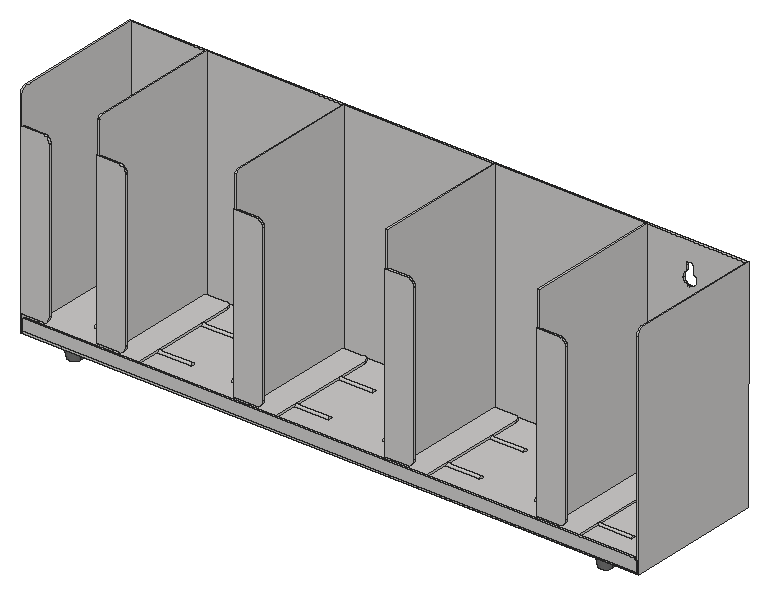
Revit family "QF_Vollrath_CTL5", category Specialty Equipment, Revit 2016
Family settings
  Part Type = Normal
  Round Connector Dimension = Use Diameter
  OmniClass Number = 23.40.40.00
  OmniClass Title = Food Service Equipment and Furnishings
  Work Plane-Based = Yes
  Always vertical = Yes
  Cut with Voids When Loaded = No
  Shared = No
  Room Calculation Point = No
Parameters
  Width = 22.5"
  Weight in Pounds = 0
  Watermarked By = ""
  URL Cutsheet = ""
  Specification by User [instance] = ""
  Specification by Manufacturer [instance] = ""
  Serial Number [instance] = ""
  Revision Code [instance] = ""
  NAFEM Spec ID Number [instance] = ""
  Model = "CTL-5"
  Masterspec [instance] = ""
  Manufacturer = "Vollrath"
  Item Number [instance] = "-"
  Installed By [instance] = ""
  Height = 8"
  Furnished By [instance] = ""
  Foodservice Equipment Identifier = yes
  Description = "5 Section Adjustable Organizer"
  Depth = 5"
  Default Elevation = 48"
  CSI MasterFormat = ""
Reference planes (in)
  plane 1 "BACK": y = 0
  plane 2 "BOTTOM": z = 0
  plane 3 "LEFT": x = -16.56573
  plane 4 "RIGHT": x = 5.93427
  plane 5 "FRONT": y = -5
  plane 6 "TOP": z = 8.4742
  plane 7 "Bottom of Body": z = 0.4742
  plane 8: x = -13.76573
  plane 9: x = -8.76573
  plane 10 "Caster Left": x = -14.98573
  plane 11 "Caster Right": x = 4.35427
  plane 12 "Caster Back": y = -0.5
  plane 13 "Caster Front": y = -4.5
  plane 14 "B1": y = -1.5
  plane 15 "F1": y = -3.5
  plane 16: x = -12.73573
  plane 17: x = -7.73573
  plane 18: x = -11.48573
  plane 19 "Left Low Bumper": x = -15.01573
  plane 20: x = -10.01573
  plane 21: x = -6.48573
  plane 22: x = -4.51573
  plane 23: x = -3.26573
  plane 24: x = -2.23573
  plane 25: x = -0.98573
  plane 26: x = 1.01427
  plane 27: x = 2.26427
  plane 28: x = 3.29427
  plane 29: x = 4.54427
Forms (in)
  Blend 1, solid, material "QF_Rubber-Black"
    base sketch origin (0, 0, 0) x (1, 0, 0) y (0, 1, 0)
      loop
        circle (-14.98573, -0.5) r 0.23
    top sketch origin (0, 0, 0) x (1, 0, 0) y (0, 1, 0)
      loop
        circle (-14.98573, -0.5) r 0.33
    from 0 to 0.4742
  Blend 2, solid, material "QF_Rubber-Black"
    base sketch origin (0, 0, 0) x (1, 0, 0) y (0, 1, 0)
      loop
        circle (-14.98573, -4.5) r 0.23
    top sketch origin (0, 0, 0) x (1, 0, 0) y (0, 1, 0)
      loop
        circle (-14.98573, -4.5) r 0.33
    from 0 to 0.4742
  Blend 3, solid, material "QF_Rubber-Black"
    base sketch origin (0, 0, 0) x (1, 0, 0) y (0, 1, 0)
      loop
        circle (4.35427, -0.5) r 0.23
    top sketch origin (0, 0, 0) x (1, 0, 0) y (0, 1, 0)
      loop
        circle (4.35427, -0.5) r 0.33
    from 0 to 0.4742
  Blend 4, solid, material "QF_Rubber-Black"
    base sketch origin (0, 0, 0) x (1, 0, 0) y (0, 1, 0)
      loop
        circle (4.35427, -4.5) r 0.23
    top sketch origin (0, 0, 0) x (1, 0, 0) y (0, 1, 0)
      loop
        circle (4.35427, -4.5) r 0.33
    from 0 to 0.4742
  Extrusion 5, solid, material "QF_Stainless-Polished"
    sketch origin (0, 0, 0.4742) x (0, 1, 0) y (-1, 0, 0)
      loop
        line (0, 16.56573) -> (-5, 16.56573) -> (-5, -5.93427) -> (0, -5.93427) -> (0, 16.56573)
    from 0 to 0.06
  Extrusion 6, solid, material "QF_Stainless-Polished"
    sketch origin (0, 0, 0) x (1, 0, 0) y (0, 0, 1)
      loop
        line (5.93427, 8.4742) -> (-16.56573, 8.4742) -> (-16.56573, 0.4742) -> (5.93427, 0.4742) -> (5.93427, 8.4742)
    from 0 to 0.06
  Extrusion 7, solid, material "QF_Stainless-Polished"
    sketch origin (-16.56573, 0, 0) x (0, 1, 0) y (0, 0, 1)
      loop
        line (0, 8.4742) -> (-4.75, 8.4742)
        arc (-4.75, 8.4742) -> (-4.92678, 8.40098) -> (-5, 8.2242) r 0.25
        line (-5, 8.2242) -> (-5, 0.4742) -> (0, 0.4742) -> (0, 8.4742)
    from 0 to 0.06
  Extrusion 8, solid, material "QF_Stainless-Polished"
    sketch origin (5.93427, 0, 0) x (0, 1, 0) y (0, 0, 1)
      loop
        line (0, 8.4742) -> (-4.75, 8.4742)
        arc (-4.75, 8.4742) -> (-4.92678, 8.40098) -> (-5, 8.2242) r 0.25
        line (-5, 8.2242) -> (-5, 0.4742) -> (0, 0.4742) -> (0, 8.4742)
    from 0 to -0.06
  Extrusion 9, solid, material "QF_Stainless-Polished"
    sketch origin (0, -5, 0) x (1, 0, 0) y (0, 0, 1)
      loop
        line (-16.50573, 0.4742) -> (5.87427, 0.4742) -> (5.87427, 0.8742)
        arc (5.87427, 0.8742) -> (5.84499, 0.94491) -> (5.77427, 0.9742) r 0.1
        line (5.77427, 0.9742) -> (-16.40573, 0.9742)
        arc (-16.40573, 0.9742) -> (-16.47644, 0.94491) -> (-16.50573, 0.8742) r 0.1
        line (-16.50573, 0.8742) -> (-16.50573, 0.4742)
    from 0 to -0.06
  Extrusion 10, solid, material "QF_Stainless-Polished"
    sketch origin (0, 0, 0.4742) x (0, 1, 0) y (-1, 0, 0)
      loop
        line (-0.06, 13.79573) -> (-4.94, 13.79573) -> (-4.94, 13.73573) -> (-0.06, 13.73573) -> (-0.06, 13.79573)
    from 0 to 8
  Extrusion 11, solid, material "QF_Stainless-Polished"
    sketch origin (0, 0, 0.4742) x (0, 1, 0) y (-1, 0, 0)
      loop
        line (-0.06, 8.79573) -> (-4.94, 8.79573) -> (-4.94, 8.73573) -> (-0.06, 8.73573) -> (-0.06, 8.79573)
    from 0 to 8
  Extrusion 12, void
    sketch origin (-16.56573, 0, 0) x (0, 1, 0) y (0, 0, 1)
      loop
        line (-4.75, 8.4742) -> (-5, 8.4742) -> (-5, 8.2242)
        arc (-5, 8.2242) -> (-4.92678, 8.40098) -> (-4.75, 8.4742) r 0.25
    from 0 to 22.5
  Extrusion 13, solid, material "QF_Stainless-Polished"
    sketch origin (0, -5, 0) x (1, 0, 0) y (0, 0, 1)
      loop
        line (-13.79573, 7.2242) -> (-13.79573, 1.0942) -> (-12.98573, 1.0942)
        arc (-12.98573, 1.0942) -> (-12.80895, 1.16742) -> (-12.73573, 1.3442) r 0.25
        line (-12.73573, 1.3442) -> (-12.73573, 6.9742)
        arc (-12.73573, 6.9742) -> (-12.80895, 7.15098) -> (-12.98573, 7.2242) r 0.25
        line (-12.98573, 7.2242) -> (-13.79573, 7.2242)
    from 0 to -0.06
  Extrusion 14, solid, material "QF_Stainless-Polished"
    sketch origin (0, -5, 0) x (1, 0, 0) y (0, 0, 1)
      loop
        line (-7.98573, 7.2242) -> (-8.79573, 7.2242) -> (-8.79573, 1.0942) -> (-7.98573, 1.0942)
        arc (-7.98573, 1.0942) -> (-7.80895, 1.16742) -> (-7.73573, 1.3442) r 0.25
        line (-7.73573, 1.3442) -> (-7.73573, 6.9742)
        arc (-7.73573, 6.9742) -> (-7.80895, 7.15098) -> (-7.98573, 7.2242) r 0.25
    from 0 to -0.06
  Extrusion 15, solid, material "QF_Stainless-Polished"
    sketch origin (0, -5, 0) x (1, 0, 0) y (0, 0, 1)
      loop
        line (-15.75573, 7.2242) -> (-16.56573, 7.2242) -> (-16.56573, 1.0942) -> (-15.75573, 1.0942)
        arc (-15.75573, 1.0942) -> (-15.57895, 1.16742) -> (-15.50573, 1.3442) r 0.25
        line (-15.50573, 1.3442) -> (-15.50573, 6.9742)
        arc (-15.50573, 6.9742) -> (-15.57895, 7.15098) -> (-15.75573, 7.2242) r 0.25
    from 0 to -0.06
  Extrusion 16, solid, material "QF_Stainless-Polished"
    sketch origin (0, 0, 0.5342) x (0, 1, 0) y (-1, 0, 0)
      loop
        line (-4.88, 13.73573) -> (-4.88, 12.98573)
        arc (-4.88, 12.98573) -> (-4.80678, 12.80895) -> (-4.63, 12.73573) r 0.25
        line (-4.63, 12.73573) -> (-0.37, 12.73573)
        arc (-0.37, 12.73573) -> (-0.19322, 12.80895) -> (-0.12, 12.98573) r 0.25
        line (-0.12, 12.98573) -> (-0.12, 13.73573) -> (-4.88, 13.73573)
    from 0 to 0.06
  Extrusion 17, solid, material "QF_Stainless-Polished"
    sketch origin (0, 0, 0.5342) x (0, 1, 0) y (-1, 0, 0)
      loop
        line (-0.12, 7.98573) -> (-0.12, 8.73573) -> (-4.88, 8.73573) -> (-4.88, 7.98573)
        arc (-4.88, 7.98573) -> (-4.80678, 7.80895) -> (-4.63, 7.73573) r 0.25
        line (-4.63, 7.73573) -> (-0.37, 7.73573)
        arc (-0.37, 7.73573) -> (-0.19322, 7.80895) -> (-0.12, 7.98573) r 0.25
    from 0 to 0.06
  Sweep 18, solid, material "QF_Stainless-Polished"
    path origin (0, 0, 0.4742) x (0, 1, 0) y (-1, 0, 0)
      loop
        line (-1.5, 15.01573) -> (-1.5, 13.79573)
    profile origin (-14.40573, -1.5, 0.4742) x (0, 1, 0) y (0, 0, 1)
      loop
        arc (0.06, 0.06) -> (0, 0.12) -> (-0.06, 0.06) r 0.06
        line (-0.06, 0.06) -> (0.06, 0.06)
  Sweep 19, solid, material "QF_Stainless-Polished"
    path origin (0, 0, 0.4742) x (0, 1, 0) y (-1, 0, 0)
      loop
        line (-3.5, 15.01573) -> (-3.5, 13.79573)
    profile origin (-14.40573, -3.5, 0.4742) x (0, 1, 0) y (0, 0, 1)
      loop
        line (-0.06, 0.06) -> (0.06, 0.06)
        arc (0.06, 0.06) -> (0, 0.12) -> (-0.06, 0.06) r 0.06
  Sweep 20, solid, material "QF_Stainless-Polished"
    path origin (0, 0, 0.4742) x (0, 1, 0) y (-1, 0, 0)
      loop
        line (-1.5, 12.73573) -> (-1.5, 11.48573)
    profile origin (-12.11073, -1.5, 0.4742) x (0, 1, 0) y (0, 0, 1)
      loop
        line (-0.06, 0.06) -> (0.06, 0.06)
        arc (0.06, 0.06) -> (0, 0.12) -> (-0.06, 0.06) r 0.06
  Sweep 21, solid, material "QF_Stainless-Polished"
    path origin (0, 0, 0.4742) x (0, 1, 0) y (-1, 0, 0)
      loop
        line (-3.5, 12.73573) -> (-3.5, 11.48573)
    profile origin (-12.11073, -3.5, 0.4742) x (0, 1, 0) y (0, 0, 1)
      loop
        line (-0.06, 0.06) -> (0.06, 0.06)
        arc (0.06, 0.06) -> (0, 0.12) -> (-0.06, 0.06) r 0.06
  Sweep 22, solid, material "QF_Stainless-Polished"
    path origin (0, 0, 0.4742) x (0, 1, 0) y (-1, 0, 0)
      loop
        line (-1.5, 8.79573) -> (-1.5, 10.01573)
    profile origin (-9.40573, -1.5, 0.4742) x (0, -1, 0) y (0, 0, 1)
      loop
        arc (0.06, 0.06) -> (0, 0.12) -> (-0.06, 0.06) r 0.06
        line (-0.06, 0.06) -> (0.06, 0.06)
  Sweep 23, solid, material "QF_Stainless-Polished"
    path origin (0, 0, 0.4742) x (0, 1, 0) y (-1, 0, 0)
      loop
        line (-3.5, 10.01573) -> (-3.5, 8.79573)
    profile origin (-9.40573, -3.5, 0.4742) x (0, 1, 0) y (0, 0, 1)
      loop
        line (-0.06, 0.06) -> (0.06, 0.06)
        arc (0.06, 0.06) -> (0, 0.12) -> (-0.06, 0.06) r 0.06
  Sweep 24, solid, material "QF_Stainless-Polished"
    path origin (0, 0, 0.4742) x (0, 1, 0) y (-1, 0, 0)
      loop
        line (-1.5, 7.73573) -> (-1.5, 6.48573)
    profile origin (-7.11073, -1.5, 0.4742) x (0, 1, 0) y (0, 0, 1)
      loop
        line (-0.06, 0.06) -> (0.06, 0.06)
        arc (0.06, 0.06) -> (0, 0.12) -> (-0.06, 0.06) r 0.06
  Sweep 25, solid, material "QF_Stainless-Polished"
    path origin (0, 0, 0.4742) x (0, 1, 0) y (-1, 0, 0)
      loop
        line (-3.5, 7.73573) -> (-3.5, 6.48573)
    profile origin (-7.11073, -3.5, 0.4742) x (0, 1, 0) y (0, 0, 1)
      loop
        line (-0.06, 0.06) -> (0.06, 0.06)
        arc (0.06, 0.06) -> (0, 0.12) -> (-0.06, 0.06) r 0.06
  Extrusion 26, void
    sketch origin (0, 0, 0) x (1, 0, 0) y (0, 0, 1)
      loop
        arc (4.11462, 7.2242) -> (4.08719, 7.33806) -> (4.01091, 7.42693) r 0.25
        arc (4.01091, 7.42693) -> (3.99516, 7.44376) -> (3.98691, 7.46528) r 0.06
        arc (3.98691, 7.46528) -> (3.98046, 7.54991) -> (3.99035, 7.6342) r 0.4408
        arc (3.99035, 7.6342) -> (3.86462, 7.79005) -> (3.7389, 7.6342) r 0.12864
        arc (3.7389, 7.6342) -> (3.74878, 7.54991) -> (3.74233, 7.46528) r 0.4408
        arc (3.74233, 7.46528) -> (3.73408, 7.44376) -> (3.71833, 7.42693) r 0.06
        arc (3.71833, 7.42693) -> (3.64205, 7.33806) -> (3.61462, 7.2242) r 0.25
        arc (3.61462, 7.2242) -> (3.86462, 6.9742) -> (4.11462, 7.2242) r 0.25
      loop
        arc (-14.74607, 7.2242) -> (-14.49607, 6.9742) -> (-14.24607, 7.2242) r 0.25
        arc (-14.24607, 7.2242) -> (-14.2735, 7.33806) -> (-14.34978, 7.42693) r 0.25
        arc (-14.34978, 7.42693) -> (-14.36553, 7.44376) -> (-14.37378, 7.46528) r 0.06
        arc (-14.37378, 7.46528) -> (-14.38023, 7.54991) -> (-14.37035, 7.6342) r 0.4408
        arc (-14.37035, 7.6342) -> (-14.49607, 7.79005) -> (-14.6218, 7.6342) r 0.12864
        arc (-14.6218, 7.6342) -> (-14.61191, 7.54991) -> (-14.61836, 7.46528) r 0.4408
        arc (-14.61836, 7.46528) -> (-14.62661, 7.44376) -> (-14.64236, 7.42693) r 0.06
        arc (-14.64236, 7.42693) -> (-14.71864, 7.33806) -> (-14.74607, 7.2242) r 0.25
    from 0 to 0.06
  Extrusion 27, solid, material "QF_Stainless-Polished"
    sketch origin (0, 0, 0.4742) x (0, 1, 0) y (-1, 0, 0)
      loop
        line (-0.06, 3.29573) -> (-4.94, 3.29573) -> (-4.94, 3.23573) -> (-0.06, 3.23573) -> (-0.06, 3.29573)
    from 0 to 8
  Extrusion 28, solid, material "QF_Stainless-Polished"
    sketch origin (0, 0, 0.5342) x (0, 1, 0) y (-1, 0, 0)
      loop
        line (-0.12, 2.48573) -> (-0.12, 3.23573) -> (-4.88, 3.23573) -> (-4.88, 2.48573)
        arc (-4.88, 2.48573) -> (-4.80678, 2.30895) -> (-4.63, 2.23573) r 0.25
        line (-4.63, 2.23573) -> (-0.37, 2.23573)
        arc (-0.37, 2.23573) -> (-0.19322, 2.30895) -> (-0.12, 2.48573) r 0.25
    from 0 to 0.06
  Extrusion 29, solid, material "QF_Stainless-Polished"
    sketch origin (0, -5, 0) x (1, 0, 0) y (0, 0, 1)
      loop
        line (-2.48573, 7.2242) -> (-3.29573, 7.2242) -> (-3.29573, 1.0942) -> (-2.48573, 1.0942)
        arc (-2.48573, 1.0942) -> (-2.30895, 1.16742) -> (-2.23573, 1.3442) r 0.25
        line (-2.23573, 1.3442) -> (-2.23573, 6.9742)
        arc (-2.23573, 6.9742) -> (-2.30895, 7.15098) -> (-2.48573, 7.2242) r 0.25
    from 0 to -0.06
  Sweep 30, solid, material "QF_Stainless-Polished"
    path origin (0, 0, 0.4742) x (0, 1, 0) y (-1, 0, 0)
      loop
        line (-1.5, 4.51573) -> (-1.5, 3.29573)
    profile origin (-3.90573, -1.5, 0.4742) x (0, 1, 0) y (0, 0, 1)
      loop
        line (-0.06, 0.06) -> (0.06, 0.06)
        arc (0.06, 0.06) -> (0, 0.12) -> (-0.06, 0.06) r 0.06
  Sweep 31, solid, material "QF_Stainless-Polished"
    path origin (0, 0, 0.4742) x (0, 1, 0) y (-1, 0, 0)
      loop
        line (-3.5, 4.51573) -> (-3.5, 3.29573)
    profile origin (-3.90573, -3.5, 0.4742) x (0, 1, 0) y (0, 0, 1)
      loop
        line (-0.06, 0.06) -> (0.06, 0.06)
        arc (0.06, 0.06) -> (0, 0.12) -> (-0.06, 0.06) r 0.06
  Sweep 32, solid, material "QF_Stainless-Polished"
    path origin (0, 0, 0.4742) x (0, 1, 0) y (-1, 0, 0)
      loop
        line (-1.5, 2.23573) -> (-1.5, 0.98573)
    profile origin (-1.61073, -1.5, 0.4742) x (0, 1, 0) y (0, 0, 1)
      loop
        line (-0.06, 0.06) -> (0.06, 0.06)
        arc (0.06, 0.06) -> (0, 0.12) -> (-0.06, 0.06) r 0.06
  Sweep 33, solid, material "QF_Stainless-Polished"
    path origin (0, 0, 0.4742) x (0, 1, 0) y (-1, 0, 0)
      loop
        line (-3.5, 2.23573) -> (-3.5, 0.98573)
    profile origin (-1.61073, -3.5, 0.4742) x (0, 1, 0) y (0, 0, 1)
      loop
        line (-0.06, 0.06) -> (0.06, 0.06)
        arc (0.06, 0.06) -> (0, 0.12) -> (-0.06, 0.06) r 0.06
  Extrusion 34, solid, material "QF_Stainless-Polished"
    sketch origin (0, 0, 0.4742) x (0, 1, 0) y (-1, 0, 0)
      loop
        line (-0.06, -2.29427) -> (-0.06, -2.23427) -> (-4.94, -2.23427) -> (-4.94, -2.29427) -> (-0.06, -2.29427)
    from 0 to 8
  Sweep 35, solid, material "QF_Stainless-Polished"
    path origin (0, 0, 0.4742) x (0, 1, 0) y (-1, 0, 0)
      loop
        line (-1.5, -2.23427) -> (-1.5, -1.01427)
    profile origin (1.62427, -1.5, 0.4742) x (0, -1, 0) y (0, 0, 1)
      loop
        arc (0.06, 0.06) -> (0, 0.12) -> (-0.06, 0.06) r 0.06
        line (-0.06, 0.06) -> (0.06, 0.06)
  Sweep 36, solid, material "QF_Stainless-Polished"
    path origin (0, 0, 0.4742) x (0, 1, 0) y (-1, 0, 0)
      loop
        line (-3.5, -2.23427) -> (-3.5, -1.01427)
    profile origin (1.62427, -3.5, 0.4742) x (0, -1, 0) y (0, 0, 1)
      loop
        arc (0.06, 0.06) -> (0, 0.12) -> (-0.06, 0.06) r 0.06
        line (-0.06, 0.06) -> (0.06, 0.06)
  Extrusion 37, solid, material "QF_Stainless-Polished"
    sketch origin (0, 0, 0.5342) x (0, 1, 0) y (-1, 0, 0)
      loop
        arc (-0.37, -3.29427) -> (-0.19322, -3.22105) -> (-0.12, -3.04427) r 0.25
        line (-0.12, -3.04427) -> (-0.12, -2.29427) -> (-4.88, -2.29427) -> (-4.88, -3.04427)
        arc (-4.88, -3.04427) -> (-4.80678, -3.22105) -> (-4.63, -3.29427) r 0.25
        line (-4.63, -3.29427) -> (-0.37, -3.29427)
    from 0 to 0.06
  Sweep 38, solid, material "QF_Stainless-Polished"
    path origin (0, 0, 0.4742) x (0, 1, 0) y (-1, 0, 0)
      loop
        line (-1.5, -3.29427) -> (-1.5, -4.54427)
    profile origin (3.91927, -1.5, 0.4742) x (0, 1, 0) y (0, 0, 1)
      loop
        line (-0.06, 0.06) -> (0.06, 0.06)
        arc (0.06, 0.06) -> (0, 0.12) -> (-0.06, 0.06) r 0.06
  Sweep 39, solid, material "QF_Stainless-Polished"
    path origin (0, 0, 0.4742) x (0, 1, 0) y (-1, 0, 0)
      loop
        line (-3.5, -3.29427) -> (-3.5, -4.54427)
    profile origin (3.91927, -3.5, 0.4742) x (0, 1, 0) y (0, 0, 1)
      loop
        line (-0.06, 0.06) -> (0.06, 0.06)
        arc (0.06, 0.06) -> (0, 0.12) -> (-0.06, 0.06) r 0.06
  Extrusion 40, solid, material "QF_Stainless-Polished"
    sketch origin (0, -5, 0) x (1, 0, 0) y (0, 0, 1)
      loop
        line (3.04427, 7.2242) -> (2.23427, 7.2242) -> (2.23427, 1.0942) -> (3.04427, 1.0942)
        arc (3.04427, 1.0942) -> (3.22105, 1.16742) -> (3.29427, 1.3442) r 0.25
        line (3.29427, 1.3442) -> (3.29427, 6.9742)
        arc (3.29427, 6.9742) -> (3.22105, 7.15098) -> (3.04427, 7.2242) r 0.25
    from 0 to -0.06
Cuts and joins
  Extrusion 12, Extrusion 26 cuts Extrusion 5
  Extrusion 12, Extrusion 26 cuts Extrusion 6
  Extrusion 12, Extrusion 26 cuts Extrusion 7
  Extrusion 12, Extrusion 26 cuts Extrusion 8
  Extrusion 12, Extrusion 26 cuts Extrusion 10
  Extrusion 12, Extrusion 26 cuts Extrusion 11
  Extrusion 26 cuts Extrusion 13
  Extrusion 26 cuts Extrusion 14
  Extrusion 26 cuts Extrusion 15
  Extrusion 26 cuts Extrusion 16
  Extrusion 26 cuts Extrusion 17
  joined: Extrusion 5, Extrusion 6, Extrusion 7, Extrusion 8, Extrusion 10, Extrusion 11, Extrusion 13, Extrusion 14, Extrusion 15, Extrusion 16, Extrusion 17, Extrusion 27, Extrusion 29, Extrusion 34, Extrusion 40
Lines and regions (in)
  symbolic lines
    curve 1: line (-16.56573, 0, 0.4742) -> (5.93427, 0, 0.4742)
    curve 2: line (-16.56573, -5, 0.4742) -> (-16.56573, 0, 0.4742)
    curve 3: line (5.93427, -5, 0.4742) -> (-16.56573, -5, 0.4742)
    curve 4: line (5.93427, 0, 0.4742) -> (5.93427, -5, 0.4742)
  symbolic lines, style "QF_Details_Surface"
    curve 5: line (-16.50573, -0.06, 0.4742) -> (5.87427, -0.06, 0.4742)
    curve 6: line (-16.50573, -4.94, 0.4742) -> (-16.50573, -0.06, 0.4742)
    curve 7: line (5.87427, -4.94, 0.4742) -> (-16.50573, -4.94, 0.4742)
    curve 8: line (5.87427, -0.06, 0.4742) -> (5.87427, -4.94, 0.4742)
    curve 9: line (-16.50573, -4.94, 0.4742) -> (-16.50573, -5, 0.4742)
    curve 10: line (5.87427, -4.94, 0.4742) -> (5.87427, -5, 0.4742)
    curve 11: line (-13.79573, -0.06, 0.4742) -> (-13.79573, -5, 0.4742)
    curve 12: line (-13.73573, -4.94, 0.4742) -> (-13.73573, -0.06, 0.4742)
    curve 13: line (-8.79573, -0.06, 0.4742) -> (-8.79573, -5, 0.4742)
    curve 14: line (-8.73573, -4.94, 0.4742) -> (-8.73573, -0.06, 0.4742)
    curve 15: line (-12.98573, -0.12, 0.4742) -> (-13.73573, -0.12, 0.4742)
    curve 16: line (-12.73573, -4.63, 0.4742) -> (-12.73573, -0.37, 0.4742)
    curve 17: arc (-12.73573, -0.37, 0.4742) -> (-12.80895, -0.19322, 0.4742) -> (-12.98573, -0.12, 0.4742) r 0.25
    curve 18: line (-13.73573, -4.88, 0.4742) -> (-12.98573, -4.88, 0.4742)
    curve 19: arc (-12.98573, -4.88, 0.4742) -> (-12.80895, -4.80678, 0.4742) -> (-12.73573, -4.63, 0.4742) r 0.25
    curve 20: line (-8.73573, -4.88, 0.4742) -> (-7.98573, -4.88, 0.4742)
    curve 21: line (-7.98573, -0.12, 0.4742) -> (-8.73573, -0.12, 0.4742)
    curve 22: arc (-7.73573, -0.37, 0.4742) -> (-7.80895, -0.19322, 0.4742) -> (-7.98573, -0.12, 0.4742) r 0.25
    curve 23: line (-13.79573, -1.44, 0.4742) -> (-15.01573, -1.44, 0.4742)
    curve 24: line (-15.01573, -1.56, 0.4742) -> (-13.79573, -1.56, 0.4742)
    curve 25: line (-15.01573, -1.56, 0.4742) -> (-15.01573, -1.44, 0.4742)
    curve 26: line (-15.01573, -3.44, 0.4742) -> (-13.79573, -3.44, 0.4742)
    curve 27: line (-13.79573, -3.56, 0.4742) -> (-15.01573, -3.56, 0.4742)
    curve 28: line (-15.01573, -3.56, 0.4742) -> (-15.01573, -3.44, 0.4742)
    curve 29: line (-11.48573, -3.56, 0.4742) -> (-12.73573, -3.56, 0.4742)
    curve 30: line (-12.73573, -3.44, 0.4742) -> (-11.48573, -3.44, 0.4742)
    curve 31: line (-11.48573, -3.56, 0.4742) -> (-11.48573, -3.44, 0.4742)
    curve 32: line (-11.48573, -1.56, 0.4742) -> (-12.73573, -1.56, 0.4742)
    curve 33: line (-12.73573, -1.44, 0.4742) -> (-11.48573, -1.44, 0.4742)
    curve 34: line (-11.48573, -1.56, 0.4742) -> (-11.48573, -1.44, 0.4742)
    curve 35: line (-10.01573, -1.56, 0.4742) -> (-8.79573, -1.56, 0.4742)
    curve 36: line (-8.79573, -1.44, 0.4742) -> (-10.01573, -1.44, 0.4742)
    curve 37: line (-10.01573, -1.44, 0.4742) -> (-10.01573, -1.56, 0.4742)
    curve 38: line (-8.79573, -3.56, 0.4742) -> (-10.01573, -3.56, 0.4742)
    curve 39: line (-10.01573, -3.44, 0.4742) -> (-8.79573, -3.44, 0.4742)
    curve 40: line (-10.01573, -3.56, 0.4742) -> (-10.01573, -3.44, 0.4742)
    curve 41: line (-6.48573, -3.56, 0.4742) -> (-7.73573, -3.56, 0.4742)
    curve 42: line (-7.73573, -3.44, 0.4742) -> (-6.48573, -3.44, 0.4742)
    curve 43: line (-6.48573, -3.56, 0.4742) -> (-6.48573, -3.44, 0.4742)
    curve 44: line (-6.48573, -1.56, 0.4742) -> (-7.73573, -1.56, 0.4742)
    curve 45: line (-7.73573, -1.44, 0.4742) -> (-6.48573, -1.44, 0.4742)
    curve 46: line (-6.48573, -1.56, 0.4742) -> (-6.48573, -1.44, 0.4742)
    curve 47: line (-3.29573, -0.06, 0.4742) -> (-3.29573, -5, 0.4742)
    curve 48: line (-3.23573, -4.94, 0.4742) -> (-3.23573, -0.06, 0.4742)
    curve 49: line (-2.48573, -0.12, 0.4742) -> (-3.23573, -0.12, 0.4742)
    curve 50: arc (-2.48573, -4.88, 0.4742) -> (-2.30895, -4.80678, 0.4742) -> (-2.23573, -4.63, 0.4742) r 0.25
    curve 51: line (-3.23573, -4.88, 0.4742) -> (-2.48573, -4.88, 0.4742)
    curve 52: line (-4.51573, -3.44, 0.4742) -> (-3.29573, -3.44, 0.4742)
    curve 53: line (-3.29573, -3.56, 0.4742) -> (-4.51573, -3.56, 0.4742)
    curve 54: line (-4.51573, -3.56, 0.4742) -> (-4.51573, -3.44, 0.4742)
    curve 55: line (-3.29573, -1.56, 0.4742) -> (-4.51573, -1.56, 0.4742)
    curve 56: line (-4.51573, -1.44, 0.4742) -> (-3.29573, -1.44, 0.4742)
    curve 57: line (-4.51573, -1.56, 0.4742) -> (-4.51573, -1.44, 0.4742)
    curve 58: arc (-7.98573, -4.88, 0.4742) -> (-7.80895, -4.80678, 0.4742) -> (-7.73573, -4.63, 0.4742) r 0.25
    curve 59: line (-7.73573, -4.63, 0.4742) -> (-7.73573, -0.37, 0.4742)
    curve 60: arc (-2.23573, -0.37, 0.4742) -> (-2.30895, -0.19322, 0.4742) -> (-2.48573, -0.12, 0.4742) r 0.25
    curve 61: line (-2.23573, -4.63, 0.4742) -> (-2.23573, -0.37, 0.4742)
    curve 62: line (-2.23573, -1.44, 0.4742) -> (-0.98573, -1.44, 0.4742)
    curve 63: line (-0.98573, -1.56, 0.4742) -> (-2.23573, -1.56, 0.4742)
    curve 64: line (-2.23573, -3.44, 0.4742) -> (-0.98573, -3.44, 0.4742)
    curve 65: line (-0.98573, -3.56, 0.4742) -> (-2.23573, -3.56, 0.4742)
    curve 66: line (-0.98573, -3.56, 0.4742) -> (-0.98573, -3.44, 0.4742)
    curve 67: line (-0.98573, -1.56, 0.4742) -> (-0.98573, -1.44, 0.4742)
    curve 68: line (2.23427, -0.06, 0.4742) -> (2.23427, -5, 0.4742)
    curve 69: line (2.29427, -4.94, 0.4742) -> (2.29427, -0.06, 0.4742)
    curve 70: line (3.04427, -0.12, 0.4742) -> (2.29427, -0.12, 0.4742)
    curve 71: arc (3.29427, -0.37, 0.4742) -> (3.22105, -0.19322, 0.4742) -> (3.04427, -0.12, 0.4742) r 0.25
    curve 72: line (3.29427, -4.63, 0.4742) -> (3.29427, -0.37, 0.4742)
    curve 73: arc (3.04427, -4.88, 0.4742) -> (3.22105, -4.80678, 0.4742) -> (3.29427, -4.63, 0.4742) r 0.25
    curve 74: line (2.29427, -4.88, 0.4742) -> (3.04427, -4.88, 0.4742)
    curve 75: line (1.01427, -3.56, 0.4742) -> (2.23427, -3.56, 0.4742)
    curve 76: line (2.23427, -3.44, 0.4742) -> (1.01427, -3.44, 0.4742)
    curve 77: line (1.01427, -3.44, 0.4742) -> (1.01427, -3.56, 0.4742)
    curve 78: line (2.23427, -1.44, 0.4742) -> (1.01427, -1.44, 0.4742)
    curve 79: line (1.01427, -1.56, 0.4742) -> (2.23427, -1.56, 0.4742)
    curve 80: line (1.01427, -1.44, 0.4742) -> (1.01427, -1.56, 0.4742)
    curve 81: line (4.54427, -1.56, 0.4742) -> (3.29427, -1.56, 0.4742)
    curve 82: line (3.29427, -1.44, 0.4742) -> (4.54427, -1.44, 0.4742)
    curve 83: line (4.54427, -1.56, 0.4742) -> (4.54427, -1.44, 0.4742)
    curve 84: line (4.54427, -3.56, 0.4742) -> (3.29427, -3.56, 0.4742)
    curve 85: line (3.29427, -3.44, 0.4742) -> (4.54427, -3.44, 0.4742)
    curve 86: line (4.54427, -3.56, 0.4742) -> (4.54427, -3.44, 0.4742)
Dimensions and locks (in)
  "Width": plane 3 "LEFT" to plane 4 "RIGHT"
  "Depth": plane 5 "FRONT" to plane 1 "BACK"
  locked: plane 7 "Bottom of Body" to level at 0.4742
  "Height": plane 6 "TOP" to plane 7 "Bottom of Body"
  locked: plane 3 "LEFT" to plane 10 "Caster Left" at 1.58
  locked: plane 11 "Caster Right" to plane 4 "RIGHT" at 1.58
  locked: plane 12 "Caster Back" to plane 1 "BACK" at 0.5
  locked: plane 5 "FRONT" to plane 13 "Caster Front" at 0.5
  locked: plane 14 "B1" to plane 1 "BACK" at 1.5
  locked: plane 5 "FRONT" to plane 15 "F1" at 1.5
  locked: plane 9 to plane 17 at 1.03
  locked: plane 8 to plane 16 at 1.03
  locked: plane 16 to plane 18 at 1.25
  locked: plane 19 "Left Low Bumper" to plane 8 at 1.25
  locked: plane 20 to plane 9 at 1.25
  locked: plane 17 to plane 21 at 1.25
  locked: plane 22 to plane 23 at 1.25
  locked: plane 23 to plane 24 at 1.03
  plane 3 "LEFT" to plane 8 = 2.8"
  plane 8 to plane 9 = 5"
  plane 9 to plane 23 = 5.5"
  locked: plane 24 to plane 25 at 1.25
  locked: plane 25 to plane 26 at 2
  locked: plane 26 to plane 27 at 1.25
  locked: plane 27 to plane 28 at 1.03
  locked: plane 28 to plane 29 at 1.25
  aligned and locked: level to plane 2 "BOTTOM"
  aligned and locked: plane 7 "Bottom of Body" to Blend 1
  aligned and locked: plane 7 "Bottom of Body" to Blend 3
  aligned and locked: plane 7 "Bottom of Body" to Blend 2
  aligned and locked: plane 7 "Bottom of Body" to Blend 4
  aligned and locked: plane 1 "BACK" to Extrusion 5 sketch curve
  aligned and locked: plane 3 "LEFT" to Extrusion 5 sketch curve
  aligned and locked: Extrusion 5 sketch curve to plane 5 "FRONT"
  aligned and locked: Extrusion 5 sketch curve to plane 4 "RIGHT"
  aligned and locked: plane 6 "TOP" to Extrusion 6 sketch curve
  aligned and locked: Extrusion 6 sketch curve to Extrusion 5  (x2)
  aligned and locked: Extrusion 6 sketch curve to plane 4 "RIGHT"
  aligned and locked: Extrusion 10 sketch curve to Extrusion 9
  aligned and locked: plane 6 "TOP" to Extrusion 10
  aligned and locked: Extrusion 11 sketch curve to Extrusion 9
  aligned and locked: plane 6 "TOP" to Extrusion 11
  aligned and locked: plane 4 "RIGHT" to Extrusion 12
  aligned and locked: Extrusion 13 sketch curve to cut or joined group 1 (Extrusion 5, Extrusion 6, Extrusion 7, Extrusion 8, Extrusion 10, Extrusion 11, Extrusion 12, Extrusion 13, Extrusion 14, Extrusion 15, Extrusion 16, Extrusion 17, Extrusion 26, Extrusion 27, Extrusion 29, Extrusion 34, Extrusion 40)
  aligned and locked: cut or joined group 1 to Sweep 18 sketch curve
  aligned and locked: plane 14 "B1" to Sweep 18 sketch curve
  aligned and locked: plane 15 "F1" to Sweep 19 sketch curve
  aligned and locked: cut or joined group 1 to Sweep 19 sketch curve
  aligned and locked: plane 14 "B1" to Sweep 20 sketch curve
  aligned and locked: Sweep 20 sketch curve to Sweep 18
  aligned and locked: plane 15 "F1" to Sweep 21 sketch curve
  aligned and locked: Sweep 21 sketch curve to Sweep 19
  aligned and locked: Sweep 22 sketch curve to plane 14 "B1"
  aligned and locked: Sweep 22 sketch curve to Sweep 18
  aligned and locked: plane 15 "F1" to Sweep 23 sketch curve
  aligned and locked: Sweep 23 sketch curve to Sweep 19
  aligned and locked: plane 14 "B1" to Sweep 24 sketch curve
  aligned and locked: Sweep 24 sketch curve to Sweep 18
  aligned and locked: plane 15 "F1" to Sweep 25 sketch curve
  aligned and locked: Sweep 25 sketch curve to Sweep 19
  aligned and locked: curve 1 to cut or joined group 1
  aligned and locked: curve 2 to cut or joined group 1
  aligned and locked: curve 3 to cut or joined group 1
  aligned and locked: curve 4 to cut or joined group 1
  aligned and locked: curve 5 to cut or joined group 1
  aligned and locked: cut or joined group 1 to curve 6
  aligned and locked: curve 7 to Extrusion 9
  aligned and locked: curve 8 to Extrusion 9
  aligned and locked: curve 11 to cut or joined group 1
  aligned and locked: curve 12 to cut or joined group 1
  aligned and locked: curve 13 to cut or joined group 1
  aligned and locked: curve 14 to cut or joined group 1
  aligned and locked: curve 15 to cut or joined group 1
  aligned and locked: curve 16 to cut or joined group 1
  aligned and locked: curve 18 to cut or joined group 1
  aligned and locked: curve 20 to cut or joined group 1
  aligned and locked: cut or joined group 1 to curve 21
  aligned and locked: curve 23 to Sweep 18
  aligned and locked: curve 24 to Sweep 18
  aligned and locked: curve 25 to Sweep 18
  aligned and locked: curve 26 to Sweep 19
  aligned and locked: curve 27 to Sweep 19
  aligned and locked: curve 28 to Sweep 19
  aligned and locked: curve 29 to Sweep 21
  aligned and locked: Sweep 21 to curve 30
  aligned and locked: curve 31 to Sweep 21
  aligned and locked: curve 32 to Sweep 20
  aligned and locked: Sweep 20 to curve 33
  aligned and locked: curve 34 to Sweep 20
  aligned and locked: curve 35 to Sweep 22
  aligned and locked: curve 36 to Sweep 22
  aligned and locked: curve 37 to Sweep 22
  aligned and locked: curve 38 to Sweep 23
  aligned and locked: curve 39 to Sweep 23
  aligned and locked: curve 40 to Sweep 23
  aligned and locked: curve 41 to Sweep 25
  aligned and locked: Sweep 25 to curve 42
  aligned and locked: curve 43 to Sweep 25
  aligned and locked: curve 44 to Sweep 24
  aligned and locked: Sweep 24 to curve 45
  aligned and locked: curve 46 to Sweep 24
  aligned and locked: cut or joined group 1 to Extrusion 27 sketch curve
  aligned and locked: Extrusion 9 to Extrusion 27 sketch curve
  aligned and locked: plane 6 "TOP" to Extrusion 27
  aligned and locked: plane 14 "B1" to Sweep 30 sketch curve
  aligned and locked: Sweep 30 sketch curve to Sweep 18
  aligned and locked: plane 15 "F1" to Sweep 31 sketch curve
  aligned and locked: Sweep 31 sketch curve to Sweep 19
  aligned and locked: curve 47 to cut or joined group 1
  aligned and locked: curve 48 to cut or joined group 1
  aligned and locked: curve 49 to Extrusion 28
  aligned and locked: Extrusion 28 to curve 51
  aligned and locked: curve 52 to Sweep 31
  aligned and locked: curve 53 to Sweep 31
  aligned and locked: curve 54 to Sweep 31
  aligned and locked: curve 55 to Sweep 30
  aligned and locked: curve 56 to Sweep 30
  aligned and locked: curve 57 to Sweep 30
  aligned and locked: plane 14 "B1" to Sweep 32 sketch curve
  aligned and locked: Sweep 32 sketch curve to Sweep 18
  aligned and locked: plane 15 "F1" to Sweep 33 sketch curve
  aligned and locked: Sweep 33 sketch curve to Sweep 19
  aligned and locked: curve 62 to Sweep 32
  aligned and locked: curve 63 to Sweep 32
  aligned and locked: curve 64 to Sweep 33
  aligned and locked: curve 65 to Sweep 33
  aligned and locked: curve 67 to Sweep 32
  aligned and locked: plane 6 "TOP" to Extrusion 34
  aligned and locked: Sweep 35 sketch curve to plane 14 "B1"
  aligned and locked: Sweep 35 sketch curve to Sweep 18
  aligned and locked: Sweep 36 sketch curve to plane 15 "F1"
  aligned and locked: Sweep 36 sketch curve to Sweep 19
  aligned and locked: plane 14 "B1" to Sweep 38 sketch curve
  aligned and locked: Sweep 38 sketch curve to Sweep 18
  aligned and locked: plane 15 "F1" to Sweep 39 sketch curve
  aligned and locked: Sweep 39 sketch curve to Sweep 19
  aligned and locked: curve 68 to cut or joined group 1
  aligned and locked: curve 69 to cut or joined group 1
  aligned and locked: curve 70 to Extrusion 37
  aligned and locked: curve 72 to Extrusion 37
  aligned and locked: curve 74 to Extrusion 37
  aligned and locked: curve 75 to Sweep 36
  aligned and locked: curve 76 to Sweep 36
  aligned and locked: curve 77 to Sweep 36
  aligned and locked: curve 78 to Sweep 35
  aligned and locked: curve 79 to Sweep 35
  aligned and locked: curve 80 to Sweep 35
  aligned and locked: curve 81 to Sweep 38
  aligned and locked: curve 82 to Sweep 38
  aligned and locked: curve 83 to Sweep 38
  aligned and locked: curve 84 to Sweep 39
  aligned and locked: curve 85 to Sweep 39
  aligned and locked: curve 86 to Sweep 39
Automatic sketch dimensions
  Blend 1 sketch curve to plane 10 "Caster Left" = 0"  (x2)
  plane 12 "Caster Back" to Blend 1 sketch curve = 0"  (x2)
  Blend 2 sketch curve to plane 10 "Caster Left" = 0"  (x2)
  plane 13 "Caster Front" to Blend 2 sketch curve = 0"  (x2)
  Blend 3 sketch curve to plane 11 "Caster Right" = 0"  (x2)
  plane 12 "Caster Back" to Blend 3 sketch curve = 0"  (x2)
  Blend 4 sketch curve to plane 11 "Caster Right" = 0"  (x2)
  plane 13 "Caster Front" to Blend 4 sketch curve = 0"  (x2)
  Extrusion 7 sketch curve to Extrusion 7 sketch curve = 0.25"
  Extrusion 8 sketch curve to Extrusion 8 sketch curve = 0.25"
  Extrusion 9 sketch curve to plane 7 "Bottom of Body" = 0"
  plane 3 "LEFT" to Extrusion 9 sketch curve = 0.06"
  Extrusion 9 sketch curve to Extrusion 9 sketch curve = 0.1"
  Extrusion 9 sketch curve to plane 4 "RIGHT" = 0.16"
  Extrusion 9 sketch curve to plane 4 "RIGHT" = 0.06"
  Extrusion 9 sketch curve to Extrusion 9 sketch curve = 0.4"
  Extrusion 10 sketch curve to plane 8 = 0.03"
  plane 8 to Extrusion 10 sketch curve = 0.03"
  Extrusion 11 sketch curve to plane 9 = 0.03"
  plane 9 to Extrusion 11 sketch curve = 0.03"
  Extrusion 12 sketch curve to plane 5 "FRONT" = 0"  (x2)
  Extrusion 12 sketch curve to Extrusion 12 sketch curve = 0.25"
  level to Extrusion 12 sketch curve = 8.2242"
  plane 6 "TOP" to Extrusion 12 sketch curve = 0"
  plane 1 "BACK" to Extrusion 12 sketch curve = 4.75"
  Extrusion 12 sketch curve to plane 6 "TOP" = 0"
  Extrusion 13 sketch curve to Extrusion 13 sketch curve = 0.81"
  Extrusion 13 sketch curve to Extrusion 13 sketch curve = 0.25"  (x2)
  plane 7 "Bottom of Body" to Extrusion 13 sketch curve = 0.62"
  Extrusion 13 sketch curve to plane 6 "TOP" = 1.5"
  plane 8 to Extrusion 14 sketch curve = 5.78"
  Extrusion 14 sketch curve to plane 6 "TOP" = 1.5"
  Extrusion 14 sketch curve to Extrusion 14 sketch curve = 0.25"  (x2)
  plane 7 "Bottom of Body" to Extrusion 14 sketch curve = 0.87"
  plane 8 to Extrusion 14 sketch curve = 4.97"
  Extrusion 7 sketch curve to plane 5 "FRONT" = 0"
  Extrusion 7 sketch curve to plane 1 "BACK" = 0"
  Extrusion 7 sketch curve to plane 7 "Bottom of Body" = 0"
  Extrusion 7 sketch curve to plane 6 "TOP" = 0"
  Extrusion 8 sketch curve to plane 5 "FRONT" = 0"
  Extrusion 8 sketch curve to plane 1 "BACK" = 0"
  Extrusion 8 sketch curve to plane 7 "Bottom of Body" = 0"
  Extrusion 8 sketch curve to plane 6 "TOP" = 0"
  plane 1 "BACK" to Extrusion 10 sketch curve = 0.06"
  plane 1 "BACK" to Extrusion 11 sketch curve = 0.06"
  Extrusion 15 sketch curve to plane 8 = 1.99"
  Extrusion 15 sketch curve to Extrusion 15 sketch curve = 0.25"  (x2)
  Extrusion 15 sketch curve to plane 8 = 2.8"
  Extrusion 15 sketch curve to plane 6 "TOP" = 1.25"
  plane 7 "Bottom of Body" to Extrusion 15 sketch curve = 0.62"
  Extrusion 16 sketch curve to Extrusion 5 = 0.12"  (x2)
  Extrusion 16 sketch curve to Extrusion 16 sketch curve = 0.25"
  Extrusion 16 sketch curve to Extrusion 5 = 0.37"
  Extrusion 16 sketch curve to Extrusion 5 = 3.83"
  Extrusion 16 sketch curve to Extrusion 16 sketch curve = 0.75"
  Extrusion 17 sketch curve to Extrusion 5 = 0.12"  (x2)
  Extrusion 17 sketch curve to Extrusion 17 sketch curve = 0.25"
  Extrusion 17 sketch curve to Extrusion 5 = 0.37"
  Extrusion 17 sketch curve to Extrusion 5 = 13.67"
  Extrusion 17 sketch curve to Extrusion 17 sketch curve = 0.75"
  Sweep 18 sketch curve to plane 19 "Left Low Bumper" = 0"
  Sweep 18 sketch curve to plane 8 = 0.03"
  Sweep 18 sketch curve to profile plane = 0"
  Sweep 18 sketch curve to profile plane = 0.06"
  Sweep 19 sketch curve to plane 19 "Left Low Bumper" = 0"
  Sweep 19 sketch curve to plane 8 = 0.03"
  Sweep 19 sketch curve to profile plane = 0"
  profile plane to Sweep 19 sketch curve = 0.06"
  Sweep 20 sketch curve to plane 18 = 0"
  Sweep 20 sketch curve to plane 16 = 0"
  Sweep 20 sketch curve to profile plane = 0"
  profile plane to Sweep 20 sketch curve = 0.06"
  Sweep 21 sketch curve to plane 18 = 0"
  Sweep 21 sketch curve to plane 16 = 0"
  Sweep 21 sketch curve to profile plane = 0"
  profile plane to Sweep 21 sketch curve = 0.06"
  Sweep 22 sketch curve to plane 20 = 0"
  Sweep 22 sketch curve to plane 9 = 0.03"
  Sweep 22 sketch curve to profile plane = 0"
  Sweep 22 sketch curve to Sweep 22 sketch curve = 0.06"
  Sweep 23 sketch curve to plane 20 = 0"
  Sweep 23 sketch curve to plane 9 = 0.03"
  Sweep 23 sketch curve to profile plane = 0"
  profile plane to Sweep 23 sketch curve = 0.06"
  Sweep 24 sketch curve to plane 21 = 0"
  Sweep 24 sketch curve to plane 17 = 0"
  Sweep 24 sketch curve to profile plane = 0"
  profile plane to Sweep 24 sketch curve = 0.06"
  Sweep 25 sketch curve to plane 21 = 0"
  Sweep 25 sketch curve to plane 17 = 0"
  Sweep 25 sketch curve to profile plane = 0"
  profile plane to Sweep 25 sketch curve = 0.06"
  plane 13 "Caster Front" to curve 16 = 0.13"
  curve 16 to plane 12 "Caster Back" = 0.13"
  curve 20 to plane 17 = 0.25"
  Extrusion 27 sketch curve to plane 23 = 0.03"
  plane 23 to Extrusion 27 sketch curve = 0.03"
  Extrusion 28 sketch curve to Extrusion 5 = 0.12"  (x2)
  Extrusion 28 sketch curve to Extrusion 28 sketch curve = 0.25"
  Extrusion 28 sketch curve to Extrusion 5 = 0.37"
  Extrusion 28 sketch curve to Extrusion 5 = 8.17"
  Extrusion 28 sketch curve to Extrusion 28 sketch curve = 0.75"
  Sweep 30 sketch curve to plane 22 = 0"
  Sweep 30 sketch curve to plane 23 = 0.03"
  Sweep 30 sketch curve to profile plane = 0"
  profile plane to Sweep 30 sketch curve = 0.06"
  Sweep 31 sketch curve to plane 22 = 0"
  Sweep 31 sketch curve to plane 23 = 0.03"
  Sweep 31 sketch curve to profile plane = 0"
  profile plane to Sweep 31 sketch curve = 0.06"
  curve 49 to plane 24 = 0.25"
  curve 22 to plane 17 = 0"
  curve 22 to plane 12 "Caster Back" = 0.13"
  Extrusion 29 sketch curve to plane 24 = 0"
  Extrusion 29 sketch curve to plane 24 = 0.25"  (x2)
  plane 7 "Bottom of Body" to Extrusion 29 sketch curve = 0.62"
  Extrusion 29 sketch curve to plane 6 "TOP" = 1.5"
  Extrusion 29 sketch curve to plane 23 = 0.03"
  curve 60 to plane 24 = 0"
  plane 13 "Caster Front" to curve 61 = 0.13"
  Sweep 32 sketch curve to plane 25 = 0"
  Sweep 32 sketch curve to plane 24 = 0"
  Sweep 32 sketch curve to profile plane = 0"
  profile plane to Sweep 32 sketch curve = 0.06"
  Sweep 33 sketch curve to plane 25 = 0"
  Sweep 33 sketch curve to plane 24 = 0"
  Sweep 33 sketch curve to profile plane = 0"
  profile plane to Sweep 33 sketch curve = 0.06"
  curve 65 to plane 25 = 0"
  plane 27 to Extrusion 34 sketch curve = 0.03"
  plane 1 "BACK" to Extrusion 34 sketch curve = 0.06"
  Extrusion 34 sketch curve to plane 27 = 0.03"
  Extrusion 34 sketch curve to plane 5 "FRONT" = 0.06"
  Sweep 35 sketch curve to plane 26 = 0"
  Sweep 35 sketch curve to plane 27 = 0.03"
  Sweep 35 sketch curve to profile plane = 0"
  Sweep 35 sketch curve to Sweep 35 sketch curve = 0.06"
  Sweep 36 sketch curve to plane 26 = 0"
  Sweep 36 sketch curve to plane 27 = 0.03"
  Sweep 36 sketch curve to profile plane = 0"
  profile plane to Sweep 36 sketch curve = 0.06"
  Extrusion 37 sketch curve to Extrusion 5 = 0.12"  (x2)
  Extrusion 37 sketch curve to Extrusion 37 sketch curve = 0.25"
  Extrusion 37 sketch curve to Extrusion 5 = 0.37"
  Extrusion 37 sketch curve to Extrusion 5 = 2.64"
  Extrusion 37 sketch curve to Extrusion 37 sketch curve = 0.75"
  Sweep 38 sketch curve to plane 29 = 0"
  Sweep 38 sketch curve to plane 28 = 0"
  Sweep 38 sketch curve to profile plane = 0"
  profile plane to Sweep 38 sketch curve = 0.06"
  Sweep 39 sketch curve to plane 29 = 0"
  Sweep 39 sketch curve to plane 28 = 0"
  Sweep 39 sketch curve to profile plane = 0"
  profile plane to Sweep 39 sketch curve = 0.06"
  plane 24 to Extrusion 40 sketch curve = 5.53"
  plane 24 to Extrusion 40 sketch curve = 5.28"  (x2)
  plane 7 "Bottom of Body" to Extrusion 40 sketch curve = 0.62"
  Extrusion 40 sketch curve to plane 6 "TOP" = 1.5"
  plane 23 to Extrusion 40 sketch curve = 5.5"
  Extrusion 26 sketch curve to Extrusion 26 sketch curve = 0"  (x18)
  Extrusion 26 sketch curve to plane 19 "Left Low Bumper" = 0.0369"
  plane 10 "Caster Left" to Extrusion 26 sketch curve = 0.30825"
  Extrusion 26 sketch curve to Extrusion 26 sketch curve = 0.1814"  (x6)
  Extrusion 26 sketch curve to plane 8 = 0.1738"
  plane 28 to Extrusion 26 sketch curve = 0.0138"
  Extrusion 26 sketch curve to Extrusion 26 sketch curve = 0.37515"
  plane 11 "Caster Right" to Extrusion 26 sketch curve = 0.0669"
  Extrusion 26 sketch curve to plane 6 "TOP" = 1.25"  (x2)
  Extrusion 26 sketch curve to Extrusion 26 sketch curve = 0.25138"  (x4)
  Extrusion 26 sketch curve to Extrusion 26 sketch curve = 0.06537"  (x4)
  Extrusion 26 sketch curve to Extrusion 26 sketch curve = 0.18583"  (x2)
  plane 10 "Caster Left" to Extrusion 26 sketch curve = 0.23965"
  Extrusion 26 sketch curve to Extrusion 26 sketch curve = 0.12572"  (x2)
  Extrusion 26 sketch curve to Extrusion 26 sketch curve = 0.024"  (x2)
  Extrusion 26 sketch curve to Extrusion 26 sketch curve = 0.25"
  curve 70 to plane 28 = 0.25"
  plane 13 "Caster Front" to curve 72 = 0.13"
  radius of Blend 1 sketch curve = 0.23"
  radius of Blend 1 sketch curve = 0.33"
  radius of Blend 2 sketch curve = 0.23"
  radius of Blend 2 sketch curve = 0.33"
  radius of Blend 3 sketch curve = 0.23"
  radius of Blend 3 sketch curve = 0.33"
  radius of Blend 4 sketch curve = 0.23"
  radius of Blend 4 sketch curve = 0.33"
